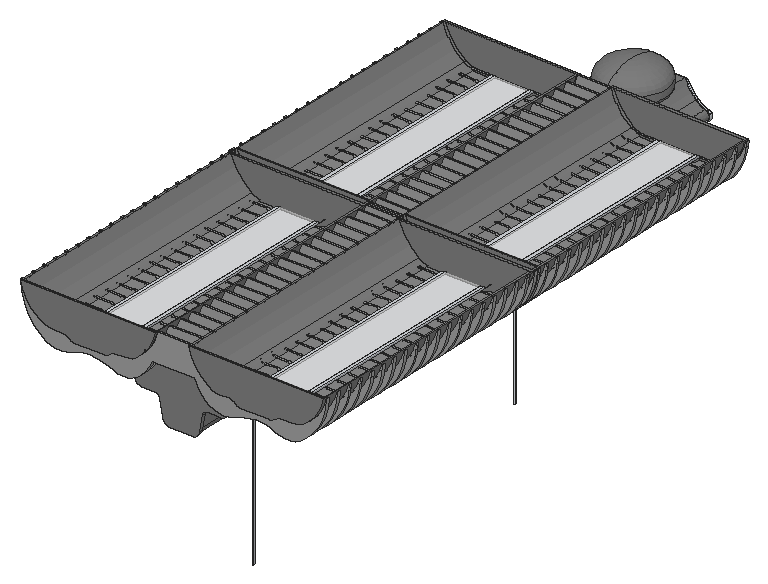
Revit family "0039274 Feilo Sylvania Lighting Fixtures SYLBAY LED 4000K 26KLM WIDE 1-10V PIR", category Lighting Fixtures, host Face, Revit 2017
Family settings
  Host = Face
  Round Connector Dimension = Use Diameter
  Part Type = Normal
  OmniClass Number = 23.80.70.00
  OmniClass Title = Lighting
  Cut with Voids When Loaded = No
  Light Source = Yes
  Shared = No
  Room Calculation Point = No
Parameters (values of type "0039274 SYLBAY LED 4000K 26KLM WIDE 1-10V PIR")
  WireRadius_FEILO = 1 mm
  Weight = "9.25 kg"
  Wattage Comments = "n/a"
  Wattage = 185 W
  WarrantyStartDate [instance] = "n/a"
  WarrantyGuarantorParts = "n/a"
  WarrantyDurationUnit = "n/a"
  WarrantyDurationParts = "n/a"
  WarrantyDescription = "n/a"
  built-in parameter 1150110 = 1 (stored number, unit not read)
  Voltage = 230 V
  URL = "http://www.sylvania-lighting.com"
  TypeName = "SYLBAY LED 4000K 26KLM WIDE 1-10V PIR"
  Type Image = <None>
  Type Comments = "n/a"
  built-in parameter 1114217 = 1 (stored number, unit not read)
  Tilt Angle = -90.00°
  built-in parameter 1150109 = 1 (stored number, unit not read)
  built-in parameter 1150134 = 12
  SuspensionHeight_FEILO [instance] = if(SurfaceMounted_FEILO, 107 mm, SuspensionHeightEntry_FEILO)  # 300 mm
  SuspensionHeightEntry_FEILO [instance] = 300 mm
  SurfaceMounted_FEILO [instance] = no
  built-in parameter 1150113 = 1 (stored number, unit not read)
  SerialNumber [instance] = "n/a"
  ReflectorMaterial = none
  PowerFactor = 0
  PowerConsumption = "185 W"
  Photometric Web File = "0039274.ies"
  NominalLength = 750 mm
  NominalHeight = 105 mm
  NominalDepth = 375 mm
  Name = "SYLBAY LED 4000K 26KLM WIDE 1-10V PIR"
  ModelReference = "SYLBAY LED 4000K 26KLM WIDE 1-10V PIR"
  ModelNumber = "0039274"
  Model = "SYLBAY LED 4000K 26KLM WIDE 1-10V PIR"
  Material = "aluminium housing"
  ManufacturerName = "Feilo Sylvania"
  Manufacturer = "Feilo Sylvania"
  LuminousEfficacy = "139.47 lm/W"
  built-in parameter 1150105 = 15175.6 (stored number, unit not read)
  Lumens = 25802 lm
  LuminaireType = ""
  built-in parameter 1150115 = 1 (stored number, unit not read)
  LightOutputRatio = "100"
  built-in parameter 1150137 = (empty or 0)
  built-in parameter 1150139 = (empty or 0)
  LampsType = Lamp  # "LED"
  LampNominalLuminous = "25942 lm"
  LampMacAdamStep = "n/a"
  LampColourTemperature = "4000 K"
  LampColourRenderingIndex = "80"
  built-in parameter 1150112 = 1 (stored number, unit not read)
  built-in parameter 1150114 = 1 (stored number, unit not read)
  Lamp = "LED"
  Keynote = "16500"
  InstallationDate [instance] = "n/a"
  InputVoltage = "220-240V~"
  InputNominalFrequency = "50/60 Hz"
  built-in parameter 1150132 = (empty or 0)
  built-in parameter 1150102 = (empty or 0)
  built-in parameter 1150107 = 4000 (stored number, unit not read)
  built-in parameter 1150138 = (empty or 0)
  IngressProtection = "IP65"
  ImpactProtectionIndex = "IK08"
  built-in parameter 1150106 = 151.76 (stored number, unit not read)
  IfcExportType = "IfcLightFixtureType"
  IfcExportAs = "IfcLightFixtureType"
  ExpectedLife = 50000
  Emit from Rectangle Width = 365 mm
  Emit from Rectangle Length = 645 mm
  Emit Shape Visible in Rendering = no
  ElectricShockClassification = "Class I"
  built-in parameter 1150104 = 12.957 (stored number, unit not read)
  DurationUnit = "hours"
  DocumentationLiterature = "http://www.sylvania-lighting.com/product/en-int/products/0039274"
  DimmingControlOptions = "Dimmable"
  Dimming Lamp Color Temperature Shift = <None>
  DiffuserMaterial = Diffuser-Sylvania-Sylbay-Transparent
  Description = "Specification industrial high bay luminaire, robust and durable, slim design, high output and efficiency, lightweight, aluminium housing with shatter-resistant polycarbonate lens optic, 26,000 lumens, 185W, 140lm/W, 4000K, 1400mA (x2), CRI 80, wide beam optic, 1-10V dimmable, integral PIR sensor with daylight/occupancy detection, IP65, IK08, 100,000 hrs (L90B10), (LxWxH) 665x375x105mm, 3 step MacAdam ellipse, 8.9kg, aluminium finish, Class 1, 220-240V, integrated LED, energy class: A++, A+, A."
  Default Elevation = 1219.2 mm
  CreatedOn = "17/11/2017"
  CreatedBy = ""
  Cost = 0
  Color Filter = 16777215
  built-in parameter 1114216 [instance] = (empty or 0)
  BodyMaterial = Body-Sylvania-Sylbay-Aluminium
  BarCode [instance] = "n/a"
  built-in parameter 1114218 = 1 (stored number, unit not read)
  built-in parameter 1150133 = 10 (stored number, unit not read)
  AssetType = "Fixed"
  AssetIdentifier [instance] = "n/a"
  Assembly Code = "D5020200"
  Apparent Load = 185 VA
  AccessoryMaterial = Accesory-Sylvania-Sylbay-White
Reference planes
  plane 1 "Center (Front/Back)": y = 0
  plane 2: z = 0
  plane 3 "Center (Left/Right)": x = 0
  plane 4: z = 300
  plane 5: y = -307
  plane 6: y = 200
  plane 7: y = -200
  plane 8: z = 237.522
  plane 9: z = 246.272
  plane 10: z = 227.522
  plane 11: z = 266.272
  plane 12: z = 256.272
  plane 13: z = 262.272
  plane 14: y = 427
  plane 15: y = -1
  plane 16: y = 1
  plane 17: y = -310
  plane 18: y = 430
  plane 19: z = 195
  plane 20: z = 193
  plane 21: y = 330
  plane 22: y = 380
  plane 23: y = 340
  plane 24: y = 420
  plane 25: z = 278.272
  plane 26: y = 341
  plane 27: y = 419
Forms (mm)
  Extrusion 1, solid, material "Accesory-Sylvania-Sylbay-White" <- "AccessoryMaterial"
    sketch origin (0, 0, 0) x (1, 0, 0) y (0, 0, 1)
      loop
        arc (-39.258, 246.272) -> (-44.534, 242.283) -> (-50.507, 239.445) r 32.519
        arc (-50.507, 239.445) -> (-54.463, 232.388) -> (-48, 227.522) r 6.147
        line (-48, 227.522) -> (-32.102, 227.522)
        arc (-32.102, 227.522) -> (-26.92, 225.616) -> (-24.206, 220.808) r 8
        line (-24.206, 220.808) -> (-21.094, 201.713)
        arc (-21.094, 201.713) -> (-18.38, 196.905) -> (-13.198, 195) r 8
        line (-13.198, 195) -> (13.198, 195)
        arc (13.198, 195) -> (18.393, 196.916) -> (21.099, 201.746) r 8
        line (21.099, 201.746) -> (24.206, 220.808)
        arc (24.206, 220.808) -> (26.92, 225.616) -> (32.102, 227.522) r 8
        line (32.102, 227.522) -> (48, 227.522)
        arc (48, 227.522) -> (54.463, 232.388) -> (50.507, 239.445) r 6.147
        arc (50.507, 239.445) -> (44.534, 242.283) -> (39.258, 246.272) r 32.519
        arc (39.258, 246.272) -> (31.199, 255.531) -> (25.254, 266.272) r 58.361
        line (25.254, 266.272) -> (-25.254, 266.272)
        arc (-25.254, 266.272) -> (-31.199, 255.531) -> (-39.258, 246.272) r 58.361
    from -427 to 307
  Extrusion 2, solid, material "Body-Sylvania-Sylbay-Aluminium" <- "BodyMaterial", detail levels medium+fine
    sketch origin (0, 0, 0) x (1, 0, 0) y (0, 0, 1)
      loop
        arc (-32.102, 225.522) -> (-28.215, 224.093) -> (-26.18, 220.487) r 6
        line (-26.18, 220.487) -> (-23.068, 201.392)
        arc (-23.068, 201.392) -> (-19.676, 195.381) -> (-13.198, 193) r 10
        line (-13.198, 193) -> (13.198, 193)
        arc (13.198, 193) -> (19.69, 195.393) -> (23.074, 201.428) r 10
        line (23.074, 201.428) -> (26.18, 220.487)
        arc (26.18, 220.487) -> (28.215, 224.093) -> (32.102, 225.522) r 6
        line (32.102, 225.522) -> (47.932, 225.522)
        arc (47.932, 225.522) -> (54.718, 228.451) -> (56.343, 235.661) r 8.147
        arc (56.343, 235.661) -> (55.292, 237.506) -> (53.445, 238.553) r 4
        arc (53.445, 238.553) -> (45.865, 241.518) -> (39.258, 246.272) r 32.519
        arc (39.258, 246.272) -> (32.89, 253.237) -> (27.728, 261.137) r 58.361
        arc (27.728, 261.137) -> (25.523, 263.429) -> (22.456, 264.272) r 6
        line (22.456, 264.272) -> (-22.456, 264.272)
        arc (-22.456, 264.272) -> (-25.523, 263.429) -> (-27.728, 261.137) r 6
        arc (-27.728, 261.137) -> (-32.89, 253.237) -> (-39.258, 246.272) r 58.361
        arc (-39.258, 246.272) -> (-45.865, 241.518) -> (-53.445, 238.553) r 32.519
        arc (-53.445, 238.553) -> (-55.292, 237.506) -> (-56.343, 235.661) r 4
        arc (-56.343, 235.661) -> (-54.718, 228.451) -> (-47.932, 225.522) r 8.147
        line (-47.932, 225.522) -> (-32.102, 225.522)
    from 307 to 310
  Extrusion 3, solid, detail levels medium+fine
    sketch origin (0, 0, 0) x (1, 0, 0) y (0, 0, 1)
      loop
        line (-47.932, 225.522) -> (-32.102, 225.522)
        arc (-32.102, 225.522) -> (-28.215, 224.093) -> (-26.18, 220.487) r 6
        line (-26.18, 220.487) -> (-23.068, 201.392)
        arc (-23.068, 201.392) -> (-19.676, 195.381) -> (-13.198, 193) r 10
        line (-13.198, 193) -> (13.198, 193)
        arc (13.198, 193) -> (19.69, 195.393) -> (23.074, 201.428) r 10
        line (23.074, 201.428) -> (26.18, 220.487)
        arc (26.18, 220.487) -> (28.215, 224.093) -> (32.102, 225.522) r 6
        line (32.102, 225.522) -> (47.932, 225.522)
        arc (47.932, 225.522) -> (54.718, 228.451) -> (56.343, 235.661) r 8.147
        arc (56.343, 235.661) -> (55.292, 237.506) -> (53.445, 238.553) r 4
        arc (53.445, 238.553) -> (45.865, 241.518) -> (39.258, 246.272) r 32.519
        arc (39.258, 246.272) -> (32.89, 253.237) -> (27.728, 261.137) r 58.361
        arc (27.728, 261.137) -> (25.523, 263.429) -> (22.456, 264.272) r 6
        line (22.456, 264.272) -> (-22.456, 264.272)
        arc (-22.456, 264.272) -> (-25.523, 263.429) -> (-27.728, 261.137) r 6
        arc (-27.728, 261.137) -> (-32.89, 253.237) -> (-39.258, 246.272) r 58.361
        arc (-39.258, 246.272) -> (-45.865, 241.518) -> (-53.445, 238.553) r 32.519
        arc (-53.445, 238.553) -> (-55.292, 237.506) -> (-56.343, 235.661) r 4
        arc (-56.343, 235.661) -> (-54.718, 228.451) -> (-47.932, 225.522) r 8.147
    from -430 to -427
  Extrusion 4, solid
    sketch origin (-316.531, -4572, 195) x (-1, 0, 0) y (0, -1, 0)
      loop
        circle (-316.531, -4772) r 1
      loop
        circle (-316.531, -4372) r 1
    from 0 to -195
  Revolve 5, solid, material "Body-Sylvania-Sylbay-Aluminium" <- "BodyMaterial"
    sketch origin (0, 0, 0) x (0, 1, 0) y (0, 0, 1)
      loop
        arc (340.771, 269.022) -> (341.729, 267.064) -> (343.76, 266.272) r 3
        line (343.76, 266.272) -> (380, 266.272) -> (380, 278.272) -> (340, 278.272) -> (340.771, 269.022)
      axis (380, 266.272) -> (380, 278.272)
    angle from 360 to 0
  Revolve 6, solid, material "Accesory-Sylvania-Sylbay-White" <- "AccessoryMaterial"
    sketch origin (0, 0, 0) x (0, 1, 0) y (0, 0, 1)
      loop
        line (340, 278.272) -> (380, 278.272) -> (380, 300)
        spline (380, 300) -> (374.779, 299.814) -> (369.647, 299.26) -> (364.693, 298.346) -> (360, 297.089) -> (355.65, 295.51) -> (351.716, 293.636) -> (348.266, 291.499) -> (345.359, 289.136) -> (343.045, 286.587) -> (341.363, 283.895) -> (340.342, 281.108) -> (340, 278.272)
      axis (380, 278.272) -> (380, 300)
    angle from 360 to 0
Dimensions and locks
  "SuspensionHeight_FEILO": plane 4 to plane 2
  equal spacing: plane 7, plane 1 "Center (Front/Back)", plane 6
  locked: plane 1 "Center (Front/Back)" to plane 6 at 200
  locked: plane 4 to plane 8 at 62.478
  locked: plane 4 to plane 9 at 53.728
  plane 4 to plane 10 = 72.478 mm
  locked: plane 4 to plane 11 at 33.728
  locked: plane 12 to plane 9 at 10
  locked: plane 13 to plane 12 at 6
  locked: plane 3 "Center (Left/Right)" to Extrusion 1 sketch curve at 48.447
  locked: Extrusion 1 sketch curve to plane 3 "Center (Left/Right)" at 48.447
  locked: plane 4 to Extrusion 1 sketch curve at 66.347  (x2)
  Extrusion 1 sketch curve to plane 3 "Center (Left/Right)" to Extrusion 1 sketch curve = 13.198 mm locked, 13.198 mm locked
  Extrusion 1 sketch curve to plane 3 "Center (Left/Right)" to Extrusion 1 sketch curve = 32.102 mm locked, 32.102 mm locked
  locked: plane 4 to Extrusion 1 sketch curve at 97  (x2)
  locked: plane 4 to Extrusion 1 sketch curve at 80.478  (x2)
  equal spacing: plane 15, plane 1 "Center (Front/Back)", plane 16
  locked: plane 10 to Extrusion 2 sketch curve at 2
  plane 10 to Extrusion 2 sketch curve = 2 mm
  locked: Extrusion 2 sketch curve to Extrusion 1 at 2  (x2)
  locked: Extrusion 2 sketch curve to plane 3 "Center (Left/Right)" at 52.466
  locked: plane 3 "Center (Left/Right)" to Extrusion 2 sketch curve at 52.466
  locked: plane 4 to Extrusion 2 sketch curve at 65.325  (x2)
  locked: plane 4 to Extrusion 2 sketch curve at 41.728  (x2)
  locked: plane 3 "Center (Left/Right)" to Extrusion 2 sketch curve at 22.456
  locked: Extrusion 2 sketch curve to plane 3 "Center (Left/Right)" at 22.456
  locked: plane 4 to plane 19 at 105
  locked: plane 19 to plane 20 at 2
  locked: plane 1 "Center (Front/Back)" to plane 18 at 430
  locked: plane 14 to plane 18 at 3
  locked: plane 17 to plane 1 "Center (Front/Back)" at 310
  locked: plane 17 to plane 5 at 3
  locked: plane 21 to plane 18 at 100
  locked: plane 21 to plane 22 at 50
  equal spacing: plane 23, plane 22, plane 24
  locked: plane 23 to plane 22 at 40
  equal spacing: plane 26, plane 22, plane 27
  locked: plane 23 to plane 26 at 1
  locked: plane 25 to plane 11 at 12
  locked: Revolve 5 sketch curve to plane 11 at 3
  locked: Revolve 5 sketch curve to plane 22 at 36.24
  locked: plane 1 "Center (Front/Back)" to plane 16 at 1
  "WireRadius_FEILO": radius of Extrusion 4 sketch curve  (x2)
  aligned and locked: plane 2 to host face
  aligned and locked: level to host face
  aligned and locked: plane 10 to Extrusion 1 sketch curve
  aligned and locked: plane 5 to Extrusion 1
  aligned and locked: Extrusion 1 to plane 14
  aligned and locked: imposter light to plane 4
  aligned and locked: plane 3 "Center (Left/Right)" to imposter light
  aligned and locked: plane 1 "Center (Front/Back)" to imposter light
  aligned and locked: plane 17 to Extrusion 2
  aligned and locked: Extrusion 2 to plane 5
  aligned and locked: Extrusion 3 sketch curve to Extrusion 2  (x15)
  aligned and locked: Extrusion 3 to Extrusion 1
  aligned and locked: Extrusion 3 to plane 18
  aligned and locked: Extrusion 1 sketch curve to plane 19
  aligned and locked: plane 7 to Extrusion 4 sketch curve
  aligned and locked: plane 3 "Center (Left/Right)" to Extrusion 4 sketch curve  (x2)
  aligned and locked: plane 6 to Extrusion 4 sketch curve
  aligned and locked: Extrusion 1 to Extrusion 4
  aligned and locked: Extrusion 4 to level
  aligned and locked: plane 20 to Extrusion 2 sketch curve
  aligned and locked: Revolve 5 sketch curve to plane 11
  aligned and locked: Revolve 5 sketch curve to plane 22  (x2)
  aligned and locked: Revolve 5 sketch curve to plane 25
  aligned and locked: Revolve 6 sketch curve to plane 22  (x2)
  aligned and locked: Revolve 6 sketch curve to Revolve 5
  aligned and locked: plane 4 to Revolve 6 sketch curve
  aligned and locked: plane 22 to Revolve 6 sketch curve
  aligned and locked: plane 3 "Center (Left/Right)" to nested 1
  aligned and locked: plane 3 "Center (Left/Right)" to nested 22
  aligned and locked: plane 15 to nested 1
  aligned and locked: plane 16 to nested 22
Automatic sketch dimensions
  host sketch curve to host sketch curve = 2438.4 mm  (x2)
  Extrusion 1 sketch curve to plane 9 = 0 mm  (x4)
  Extrusion 1 sketch curve to plane 10 = 0 mm
  plane 11 to Extrusion 1 sketch curve = 3.811 mm
  Extrusion 1 sketch curve to Extrusion 1 sketch curve = 36.151 mm  (x2)
  Extrusion 1 sketch curve to plane 4 = 10.994 mm  (x2)
  Extrusion 1 sketch curve to plane 11 = 0 mm
  plane 9 to Extrusion 1 sketch curve = 23.811 mm
  Extrusion 1 sketch curve to plane 10 = 6.713 mm  (x2)
  plane 19 to Extrusion 1 sketch curve = 6.713 mm
  Extrusion 3 sketch curve to plane 10 = 7.035 mm  (x2)
  plane 19 to Extrusion 3 sketch curve = 6.392 mm
  plane 19 to Extrusion 1 sketch curve = 6.746 mm
  plane 19 to Extrusion 3 sketch curve = 6.428 mm
  plane 3 "Center (Left/Right)" to Extrusion 1 sketch curve = 25.254 mm
  Extrusion 1 sketch curve to Extrusion 1 sketch curve = 0.447 mm  (x2)
  Extrusion 1 sketch curve to Extrusion 1 sketch curve = 12.959 mm
  Extrusion 2 sketch curve to plane 9 = 0 mm  (x4)
  plane 11 to Extrusion 2 sketch curve = 3.811 mm  (x2)
  Extrusion 2 sketch curve to Extrusion 2 sketch curve = 8.939 mm  (x2)
  Extrusion 2 sketch curve to plane 4 = 10.994 mm  (x2)
  Extrusion 2 sketch curve to Extrusion 2 sketch curve = 17.6 mm  (x2)
  Extrusion 2 sketch curve to Extrusion 2 sketch curve = 4.02 mm  (x2)
  Extrusion 2 sketch curve to Extrusion 2 sketch curve = 0.514 mm
  Extrusion 2 sketch curve to plane 10 = 8 mm
  Extrusion 2 sketch curve to plane 10 = 7.035 mm  (x2)
  plane 19 to Extrusion 2 sketch curve = 6.392 mm
  plane 19 to Extrusion 2 sketch curve = 8 mm
  plane 3 "Center (Left/Right)" to Extrusion 2 sketch curve = 13.198 mm
  plane 19 to Extrusion 2 sketch curve = 6.428 mm
  Extrusion 2 sketch curve to Extrusion 2 sketch curve = 5.922 mm
  Extrusion 2 sketch curve to Extrusion 2 sketch curve = 4.534 mm
  Extrusion 2 sketch curve to plane 8 = 3.869 mm  (x2)
  Extrusion 2 sketch curve to plane 11 = 2 mm
  Extrusion 2 sketch curve to Extrusion 2 sketch curve = 0 mm  (x2)
  Revolve 6 sketch curve to plane 23 = 0 mm
  Revolve 6 sketch curve to level = 309.6 mm
  plane 4 to Revolve 6 sketch curve = 2138.4 mm
  Revolve 5 sketch curve to plane 23 = 0 mm
  plane 26 to Revolve 5 sketch curve = 0.229 mm
  Revolve 5 sketch curve to level = 309.6 mm
  plane 4 to Revolve 5 sketch curve = 2138.4 mm
Nested families
  nested 1: "SylbayBody" at (0, 159, 266.272), type "SylbayBody"
  nested 2: "SlybayRib" at (0, 303.453, 300), type "SylbayRib"
  nested 3: "SlybayRib" at (0, 286.406, 300), type "SylbayRib"
  nested 4: "SlybayRib" at (0, 269.358, 300), type "SylbayRib"
  nested 5: "SlybayRib" at (0, 252.311, 300), type "SylbayRib"
  nested 6: "SlybayRib" at (0, 235.264, 300), type "SylbayRib"
  nested 7: "SlybayRib" at (0, 218.217, 300), type "SylbayRib"
  nested 8: "SlybayRib" at (0, 201.169, 300), type "SylbayRib"
  nested 9: "SlybayRib" at (0, 184.122, 300), type "SylbayRib"
  nested 10: "SlybayRib" at (0, 320.5, 300), type "SylbayRib"
  nested 11: "SlybayRib" at (0, 14.547, 300), type "SylbayRib"
  nested 12: "SlybayRib" at (0, 31.594, 300), type "SylbayRib"
  nested 13: "SlybayRib" at (0, 48.642, 300), type "SylbayRib"
  nested 14: "SlybayRib" at (0, 65.689, 300), type "SylbayRib"
  nested 15: "SlybayRib" at (0, 82.736, 300), type "SylbayRib"
  nested 16: "SlybayRib" at (0, 99.783, 300), type "SylbayRib"
  nested 17: "SlybayRib" at (0, 116.831, 300), type "SylbayRib"
  nested 18: "SlybayRib" at (0, 133.878, 300), type "SylbayRib"
  nested 19: "SlybayRib" at (0, -2.5, 300), type "SylbayRib"
  nested 20: "SlybayRib" at (0, 167.075, 300), type "SylbayRib"
  nested 21: "SlybayRib" at (0, 150.925, 300), type "SylbayRib"
  nested 22: "SylbayBody" at (0, -159, 266.272), type "SylbayBody"
  nested 23: "SlybayRib" at (0, -14.547, 300), type "SylbayRib"
  nested 24: "SlybayRib" at (0, -31.594, 300), type "SylbayRib"
  nested 25: "SlybayRib" at (0, -48.642, 300), type "SylbayRib"
  nested 26: "SlybayRib" at (0, -65.689, 300), type "SylbayRib"
  nested 27: "SlybayRib" at (0, -82.736, 300), type "SylbayRib"
  nested 28: "SlybayRib" at (0, -99.783, 300), type "SylbayRib"
  nested 29: "SlybayRib" at (0, -116.831, 300), type "SylbayRib"
  nested 30: "SlybayRib" at (0, -133.878, 300), type "SylbayRib"
  nested 31: "SlybayRib" at (0, 2.5, 300), type "SylbayRib"
  nested 32: "SlybayRib" at (0, -303.453, 300), type "SylbayRib"
  nested 33: "SlybayRib" at (0, -286.406, 300), type "SylbayRib"
  nested 34: "SlybayRib" at (0, -269.358, 300), type "SylbayRib"
  nested 35: "SlybayRib" at (0, -252.311, 300), type "SylbayRib"
  nested 36: "SlybayRib" at (0, -235.264, 300), type "SylbayRib"
  nested 37: "SlybayRib" at (0, -218.217, 300), type "SylbayRib"
  nested 38: "SlybayRib" at (0, -201.169, 300), type "SylbayRib"
  nested 39: "SlybayRib" at (0, -184.122, 300), type "SylbayRib"
  nested 40: "SlybayRib" at (0, -320.5, 300), type "SylbayRib"
  nested 41: "SlybayRib" at (0, -150.925, 300), type "SylbayRib"
  nested 42: "SlybayRib" at (0, -167.075, 300), type "SylbayRib"
Connectors
  electrical at (0, 0, 0), driven by "Apparent Load"
    settings: index 1, voltage 230 V, apparent load 185 VA, apparent load phase1 0 VA, apparent load phase2 0 VA, apparent load phase3 0 VA, power factor 0, load classification "Lighting", number of poles 1, system type 30, power factor state 1, is connector primary yes, connector utility no, sub classification motor no, connector description ""
Definition of nested family "SylbayBody"
  Parameters (values of type "SylbayBody")
    URL = "http://www.feilosylvania.com"
    Type Image = (empty or 0)
    Type Comments = "n/a"
    RibLast_FEILO = 161.5 mm
    RibDistance_FEILO = RibLast_FEILO / 10  # 16.15 mm
    ReflectorMaterial = none
    Model = ""
    Manufacturer = "Feilo Sylvania"
    Keynote = ""
    DiffuserMaterial = none
    Description = "n/a"
    Default Elevation = 1219.2 mm
    Cost = 0
    BodyMaterial = none
    Assembly Code = "D5020200"
    AccessoryMaterial = none
  Reference planes
    plane 1 "Center (Front/Back)": y = 0
    plane 2: z = 0
    plane 3 "Center (Left/Right)": x = 0
    plane 4: x = -187.5
    plane 5: x = 187.5
    plane 6: z = 33.728
    plane 7: y = -165
    plane 8: y = 165
    plane 9: y = -148
    plane 10: y = 160
    plane 11: y = -160
    plane 12: z = -28.75
    plane 13: z = -20
    plane 14: x = -102.75
    plane 15: x = 102.75
    plane 16: z = 0
    plane 17: x = -185.5
    plane 18: x = -20
    plane 19: z = -10
    plane 20: x = -122.75
    plane 21: x = -82.75
    plane 22: z = -4
    plane 23: x = -130.75
    plane 24: x = -74.75
    plane 25: x = -145.75
    plane 26: x = -59.75
    plane 27: x = -25.3
    plane 28: x = -183.5
    plane 29: x = -22
    plane 30: y = -163
    plane 31: y = 163
    plane 32: x = 25.3
    plane 33: x = -48
    plane 34: x = 48
    plane 35: x = 20
    plane 36: y = 148
    plane 37: y = -161.5
    plane 38: y = 161.5
    plane 39: y = -8.075
    plane 40: y = 8.075
    plane 41: y = -151
    plane 42: y = 151
    plane 43: y = 149
    plane 44: y = 152
    plane 45: z = -2
    plane 46: z = 0
  Forms (mm)
    Extrusion 1, solid
      sketch origin (4.2, 0, 0) x (1, 0, 0) y (0, 1, 0)
        loop
          line (-1219.2, 1219.2) -> (-1219.2, -1219.2) -> (1219.2, -1219.2) -> (1219.2, 1219.2) -> (-1219.2, 1219.2)
      from 0 to -304.8
    Extrusion 2, solid, material <- "BodyMaterial", detail levels coarse+medium
      sketch origin (0, 0, -234.25) x (1, 0, 0) y (0, 0, 1)
        loop
          arc (-187.5, 267.978) -> (-180.003, 237.85) -> (-159.829, 214.25) r 67.598
          arc (-159.829, 214.25) -> (-143.258, 206.411) -> (-125.169, 209.379) r 30.791
          arc (-125.169, 209.379) -> (-113.533, 213.402) -> (-101.25, 214.25) r 46.777
          arc (-101.25, 214.25) -> (-87.202, 212.214) -> (-73.664, 207.942) r 87.865
          arc (-73.664, 207.942) -> (-55.541, 206.076) -> (-39.258, 214.25) r 32.519
          arc (-39.258, 214.25) -> (-31.199, 223.509) -> (-25.254, 234.25) r 58.361
          line (-25.254, 234.25) -> (25.254, 234.25)
          arc (25.254, 234.25) -> (31.199, 223.509) -> (39.258, 214.25) r 58.361
          arc (39.258, 214.25) -> (55.541, 206.076) -> (73.664, 207.942) r 32.519
          arc (73.664, 207.942) -> (87.202, 212.214) -> (101.25, 214.25) r 87.865
          arc (101.25, 214.25) -> (113.533, 213.402) -> (125.169, 209.379) r 46.777
          arc (125.169, 209.379) -> (143.258, 206.411) -> (159.829, 214.25) r 30.791
          arc (159.829, 214.25) -> (180.003, 237.85) -> (187.5, 267.978) r 67.598
          line (187.5, 267.978) -> (185.5, 267.978)
          arc (185.5, 267.978) -> (176.042, 248.665) -> (160.084, 234.25) r 56.823
          arc (160.084, 234.25) -> (153.191, 231.269) -> (145.75, 230.25) r 27.682
          line (145.75, 230.25) -> (132.583, 230.25)
          arc (132.583, 230.25) -> (129.421, 229.737) -> (126.583, 228.25) r 10
          line (126.583, 228.25) -> (123.917, 226.25)
          arc (123.917, 226.25) -> (121.079, 224.763) -> (117.917, 224.25) r 10
          line (117.917, 224.25) -> (84.583, 224.25)
          arc (84.583, 224.25) -> (81.421, 224.763) -> (78.583, 226.25) r 10
          line (78.583, 226.25) -> (75.917, 228.25)
          arc (75.917, 228.25) -> (73.079, 229.737) -> (69.917, 230.25) r 10
          line (69.917, 230.25) -> (58.25, 230.25)
          arc (58.25, 230.25) -> (51.55, 231.273) -> (45.461, 234.25) r 22.443
          arc (45.461, 234.25) -> (30.027, 249.073) -> (20, 267.978) r 67.602
          line (20, 267.978) -> (-20, 267.978)
          arc (-20, 267.978) -> (-30.027, 249.073) -> (-45.461, 234.25) r 67.602
          arc (-45.461, 234.25) -> (-51.55, 231.273) -> (-58.25, 230.25) r 22.443
          line (-58.25, 230.25) -> (-69.917, 230.25)
          arc (-69.917, 230.25) -> (-73.079, 229.737) -> (-75.917, 228.25) r 10
          line (-75.917, 228.25) -> (-78.583, 226.25)
          arc (-78.583, 226.25) -> (-81.421, 224.763) -> (-84.583, 224.25) r 10
          line (-84.583, 224.25) -> (-117.917, 224.25)
          arc (-117.917, 224.25) -> (-121.079, 224.763) -> (-123.917, 226.25) r 10
          line (-123.917, 226.25) -> (-126.583, 228.25)
          arc (-126.583, 228.25) -> (-129.421, 229.737) -> (-132.583, 230.25) r 10
          line (-132.583, 230.25) -> (-145.75, 230.25)
          arc (-145.75, 230.25) -> (-153.191, 231.269) -> (-160.084, 234.25) r 27.682
          arc (-160.084, 234.25) -> (-176.042, 248.665) -> (-185.5, 267.978) r 56.823
          line (-185.5, 267.978) -> (-187.5, 267.978)
      from 160 to -160
    Extrusion 3, solid, material <- "BodyMaterial"
      sketch origin (0, 0, -234.25) x (1, 0, 0) y (0, 0, 1)
        loop
          arc (-145.75, 230.25) -> (-152.168, 231.276) -> (-157.947, 234.25) r 20.597
          arc (-157.947, 234.25) -> (-173.175, 249.257) -> (-183.5, 267.978) r 74.319
          line (-183.5, 267.978) -> (-185.5, 267.978)
          arc (-185.5, 267.978) -> (-176.042, 248.665) -> (-160.084, 234.25) r 56.823
          arc (-160.084, 234.25) -> (-153.191, 231.269) -> (-145.75, 230.25) r 27.682
        loop
          arc (-45.461, 234.25) -> (-30.027, 249.073) -> (-20, 267.978) r 67.602
          line (-20, 267.978) -> (-22, 267.978)
          arc (-22, 267.978) -> (-31.964, 249.398) -> (-46.63, 234.25) r 76.357
          arc (-46.63, 234.25) -> (-52.105, 231.278) -> (-58.25, 230.25) r 18.878
          arc (-58.25, 230.25) -> (-51.55, 231.273) -> (-45.461, 234.25) r 22.443
        loop
          arc (145.75, 230.25) -> (153.191, 231.269) -> (160.084, 234.25) r 27.682
          arc (160.084, 234.25) -> (176.042, 248.665) -> (185.5, 267.978) r 56.823
          line (185.5, 267.978) -> (183.5, 267.978)
          arc (183.5, 267.978) -> (173.175, 249.257) -> (157.947, 234.25) r 74.319
          arc (157.947, 234.25) -> (152.168, 231.276) -> (145.75, 230.25) r 20.597
        loop
          arc (45.461, 234.25) -> (51.55, 231.273) -> (58.25, 230.25) r 22.443
          arc (58.25, 230.25) -> (52.105, 231.278) -> (46.63, 234.25) r 18.878
          arc (46.63, 234.25) -> (31.964, 249.398) -> (22, 267.978) r 76.357
          line (22, 267.978) -> (20, 267.978)
          arc (20, 267.978) -> (30.027, 249.073) -> (45.461, 234.25) r 67.602
      from -160 to 160
    Extrusion 4, solid, material <- "BodyMaterial"
      sketch origin (0, -165, -843.85) x (0, 0, -1) y (1, 0, 0)
        loop
          arc (-837.85, -132.583) -> (-837.439, -130.054) -> (-836.25, -127.783) r 8
          line (-836.25, -127.783) -> (-834.25, -125.117)
          arc (-834.25, -125.117) -> (-832.466, -121.711) -> (-831.85, -117.917) r 12
          line (-831.85, -117.917) -> (-831.85, -84.583)
          arc (-831.85, -84.583) -> (-832.466, -80.789) -> (-834.25, -77.383) r 12
          line (-834.25, -77.383) -> (-836.25, -74.717)
          arc (-836.25, -74.717) -> (-837.439, -72.446) -> (-837.85, -69.917) r 8
          line (-837.85, -69.917) -> (-837.85, -58.25)
          arc (-837.85, -58.25) -> (-838.965, -50.953) -> (-842.206, -44.322) r 24.443
          arc (-842.206, -44.322) -> (-857.666, -28.923) -> (-877.578, -20) r 60.581
          line (-877.578, -20) -> (-877.578, -22)
          arc (-877.578, -22) -> (-858.998, -31.964) -> (-843.85, -46.63) r 76.357
          arc (-843.85, -46.63) -> (-840.878, -52.105) -> (-839.85, -58.25) r 18.878
          line (-839.85, -58.25) -> (-839.85, -69.917)
          arc (-839.85, -69.917) -> (-839.337, -73.079) -> (-837.85, -75.917) r 10
          line (-837.85, -75.917) -> (-835.85, -78.583)
          arc (-835.85, -78.583) -> (-834.363, -81.421) -> (-833.85, -84.583) r 10
          line (-833.85, -84.583) -> (-833.85, -117.917)
          arc (-833.85, -117.917) -> (-834.363, -121.079) -> (-835.85, -123.917) r 10
          line (-835.85, -123.917) -> (-837.85, -126.583)
          arc (-837.85, -126.583) -> (-839.337, -129.421) -> (-839.85, -132.583) r 10
          line (-839.85, -132.583) -> (-839.85, -145.75)
          arc (-839.85, -145.75) -> (-840.876, -152.168) -> (-843.85, -157.947) r 20.597
          arc (-843.85, -157.947) -> (-858.857, -173.175) -> (-877.578, -183.5) r 74.319
          line (-877.578, -183.5) -> (-877.578, -185.5)
          arc (-877.578, -185.5) -> (-857.235, -177.123) -> (-842.139, -161.119) r 52.287
          arc (-842.139, -161.119) -> (-838.942, -153.728) -> (-837.85, -145.75) r 29.682
          line (-837.85, -145.75) -> (-837.85, -132.583)
        loop
          line (-837.85, 132.583) -> (-837.85, 145.75)
          arc (-837.85, 145.75) -> (-838.942, 153.728) -> (-842.139, 161.119) r 29.682
          arc (-842.139, 161.119) -> (-857.235, 177.123) -> (-877.578, 185.5) r 52.287
          line (-877.578, 185.5) -> (-877.578, 183.5)
          arc (-877.578, 183.5) -> (-858.857, 173.175) -> (-843.85, 157.947) r 74.319
          arc (-843.85, 157.947) -> (-840.876, 152.168) -> (-839.85, 145.75) r 20.597
          line (-839.85, 145.75) -> (-839.85, 132.583)
          arc (-839.85, 132.583) -> (-839.337, 129.421) -> (-837.85, 126.583) r 10
          line (-837.85, 126.583) -> (-835.85, 123.917)
          arc (-835.85, 123.917) -> (-834.363, 121.079) -> (-833.85, 117.917) r 10
          line (-833.85, 117.917) -> (-833.85, 84.583)
          arc (-833.85, 84.583) -> (-834.363, 81.421) -> (-835.85, 78.583) r 10
          line (-835.85, 78.583) -> (-837.85, 75.917)
          arc (-837.85, 75.917) -> (-839.337, 73.079) -> (-839.85, 69.917) r 10
          line (-839.85, 69.917) -> (-839.85, 58.25)
          arc (-839.85, 58.25) -> (-840.878, 52.105) -> (-843.85, 46.63) r 18.878
          arc (-843.85, 46.63) -> (-858.998, 31.964) -> (-877.578, 22) r 76.357
          line (-877.578, 22) -> (-877.578, 20)
          arc (-877.578, 20) -> (-857.666, 28.923) -> (-842.206, 44.322) r 60.581
          arc (-842.206, 44.322) -> (-838.965, 50.953) -> (-837.85, 58.25) r 24.443
          line (-837.85, 58.25) -> (-837.85, 69.917)
          arc (-837.85, 69.917) -> (-837.439, 72.446) -> (-836.25, 74.717) r 8
          line (-836.25, 74.717) -> (-834.25, 77.383)
          arc (-834.25, 77.383) -> (-832.466, 80.789) -> (-831.85, 84.583) r 12
          line (-831.85, 84.583) -> (-831.85, 117.917)
          arc (-831.85, 117.917) -> (-832.466, 121.711) -> (-834.25, 125.117) r 12
          line (-834.25, 125.117) -> (-836.25, 127.783)
          arc (-836.25, 127.783) -> (-837.439, 130.054) -> (-837.85, 132.583) r 8
      from -2 to -5
    Extrusion 5, solid, material <- "BodyMaterial"
      sketch origin (0, 165, -843.85) x (0, 0, -1) y (1, 0, 0)
        loop
          line (-831.85, -117.917) -> (-831.85, -84.583)
          arc (-831.85, -84.583) -> (-832.466, -80.789) -> (-834.25, -77.383) r 12
          line (-834.25, -77.383) -> (-836.25, -74.717)
          arc (-836.25, -74.717) -> (-837.439, -72.446) -> (-837.85, -69.917) r 8
          line (-837.85, -69.917) -> (-837.85, -58.25)
          arc (-837.85, -58.25) -> (-838.965, -50.953) -> (-842.206, -44.322) r 24.443
          arc (-842.206, -44.322) -> (-857.666, -28.923) -> (-877.578, -20) r 60.581
          line (-877.578, -20) -> (-877.578, -22)
          arc (-877.578, -22) -> (-858.998, -31.964) -> (-843.85, -46.63) r 76.357
          arc (-843.85, -46.63) -> (-840.878, -52.105) -> (-839.85, -58.25) r 18.878
          line (-839.85, -58.25) -> (-839.85, -69.917)
          arc (-839.85, -69.917) -> (-839.337, -73.079) -> (-837.85, -75.917) r 10
          line (-837.85, -75.917) -> (-835.85, -78.583)
          arc (-835.85, -78.583) -> (-834.363, -81.421) -> (-833.85, -84.583) r 10
          line (-833.85, -84.583) -> (-833.85, -117.917)
          arc (-833.85, -117.917) -> (-834.363, -121.079) -> (-835.85, -123.917) r 10
          line (-835.85, -123.917) -> (-837.85, -126.583)
          arc (-837.85, -126.583) -> (-839.337, -129.421) -> (-839.85, -132.583) r 10
          line (-839.85, -132.583) -> (-839.85, -145.75)
          arc (-839.85, -145.75) -> (-840.876, -152.168) -> (-843.85, -157.947) r 20.597
          arc (-843.85, -157.947) -> (-858.857, -173.175) -> (-877.578, -183.5) r 74.319
          line (-877.578, -183.5) -> (-877.578, -185.5)
          arc (-877.578, -185.5) -> (-857.235, -177.123) -> (-842.139, -161.119) r 52.287
          arc (-842.139, -161.119) -> (-838.942, -153.728) -> (-837.85, -145.75) r 29.682
          line (-837.85, -145.75) -> (-837.85, -132.583)
          arc (-837.85, -132.583) -> (-837.439, -130.054) -> (-836.25, -127.783) r 8
          line (-836.25, -127.783) -> (-834.25, -125.117)
          arc (-834.25, -125.117) -> (-832.466, -121.711) -> (-831.85, -117.917) r 12
        loop
          line (-831.85, 84.583) -> (-831.85, 117.917)
          arc (-831.85, 117.917) -> (-832.466, 121.711) -> (-834.25, 125.117) r 12
          line (-834.25, 125.117) -> (-836.25, 127.783)
          arc (-836.25, 127.783) -> (-837.439, 130.054) -> (-837.85, 132.583) r 8
          line (-837.85, 132.583) -> (-837.85, 145.75)
          arc (-837.85, 145.75) -> (-838.942, 153.728) -> (-842.139, 161.119) r 29.682
          arc (-842.139, 161.119) -> (-857.235, 177.123) -> (-877.578, 185.5) r 52.287
          line (-877.578, 185.5) -> (-877.578, 183.5)
          arc (-877.578, 183.5) -> (-858.857, 173.175) -> (-843.85, 157.947) r 74.319
          arc (-843.85, 157.947) -> (-840.876, 152.168) -> (-839.85, 145.75) r 20.597
          line (-839.85, 145.75) -> (-839.85, 132.583)
          arc (-839.85, 132.583) -> (-839.337, 129.421) -> (-837.85, 126.583) r 10
          line (-837.85, 126.583) -> (-835.85, 123.917)
          arc (-835.85, 123.917) -> (-834.363, 121.079) -> (-833.85, 117.917) r 10
          line (-833.85, 117.917) -> (-833.85, 84.583)
          arc (-833.85, 84.583) -> (-834.363, 81.421) -> (-835.85, 78.583) r 10
          line (-835.85, 78.583) -> (-837.85, 75.917)
          arc (-837.85, 75.917) -> (-839.337, 73.079) -> (-839.85, 69.917) r 10
          line (-839.85, 69.917) -> (-839.85, 58.25)
          arc (-839.85, 58.25) -> (-840.878, 52.105) -> (-843.85, 46.63) r 18.878
          arc (-843.85, 46.63) -> (-858.998, 31.964) -> (-877.578, 22) r 76.357
          line (-877.578, 22) -> (-877.578, 20)
          arc (-877.578, 20) -> (-857.666, 28.923) -> (-842.206, 44.322) r 60.581
          arc (-842.206, 44.322) -> (-838.965, 50.953) -> (-837.85, 58.25) r 24.443
          line (-837.85, 58.25) -> (-837.85, 69.917)
          arc (-837.85, 69.917) -> (-837.439, 72.446) -> (-836.25, 74.717) r 8
          line (-836.25, 74.717) -> (-834.25, 77.383)
          arc (-834.25, 77.383) -> (-832.466, 80.789) -> (-831.85, 84.583) r 12
      from 2 to 5
    Extrusion 6, solid, material <- "BodyMaterial"
      sketch origin (0, 165, -843.85) x (0, 0, -1) y (1, 0, 0)
        loop
          arc (-842.206, -44.322) -> (-857.666, -28.923) -> (-877.578, -20) r 60.581
          line (-877.578, -20) -> (-877.578, -185.5)
          arc (-877.578, -185.5) -> (-857.235, -177.123) -> (-842.139, -161.119) r 52.287
          arc (-842.139, -161.119) -> (-838.942, -153.728) -> (-837.85, -145.75) r 29.682
          line (-837.85, -145.75) -> (-837.85, -132.583)
          arc (-837.85, -132.583) -> (-837.439, -130.054) -> (-836.25, -127.783) r 8
          line (-836.25, -127.783) -> (-834.25, -125.117)
          arc (-834.25, -125.117) -> (-832.466, -121.711) -> (-831.85, -117.917) r 12
          line (-831.85, -117.917) -> (-831.85, -84.583)
          arc (-831.85, -84.583) -> (-832.466, -80.789) -> (-834.25, -77.383) r 12
          line (-834.25, -77.383) -> (-836.25, -74.717)
          arc (-836.25, -74.717) -> (-837.439, -72.446) -> (-837.85, -69.917) r 8
          line (-837.85, -69.917) -> (-837.85, -58.25)
          arc (-837.85, -58.25) -> (-838.965, -50.953) -> (-842.206, -44.322) r 24.443
        loop
          arc (-877.578, 20) -> (-857.666, 28.923) -> (-842.206, 44.322) r 60.581
          arc (-842.206, 44.322) -> (-838.965, 50.953) -> (-837.85, 58.25) r 24.443
          line (-837.85, 58.25) -> (-837.85, 69.917)
          arc (-837.85, 69.917) -> (-837.439, 72.446) -> (-836.25, 74.717) r 8
          line (-836.25, 74.717) -> (-834.25, 77.383)
          arc (-834.25, 77.383) -> (-832.466, 80.789) -> (-831.85, 84.583) r 12
          line (-831.85, 84.583) -> (-831.85, 117.917)
          arc (-831.85, 117.917) -> (-832.466, 121.711) -> (-834.25, 125.117) r 12
          line (-834.25, 125.117) -> (-836.25, 127.783)
          arc (-836.25, 127.783) -> (-837.439, 130.054) -> (-837.85, 132.583) r 8
          line (-837.85, 132.583) -> (-837.85, 145.75)
          arc (-837.85, 145.75) -> (-838.942, 153.728) -> (-842.139, 161.119) r 29.682
          arc (-842.139, 161.119) -> (-857.235, 177.123) -> (-877.578, 185.5) r 52.287
          line (-877.578, 185.5) -> (-877.578, 20)
      from 0 to 2
    Extrusion 7, solid, material <- "BodyMaterial"
      sketch origin (0, -165, -843.85) x (0, 0, -1) y (1, 0, 0)
        loop
          line (-877.578, -20) -> (-877.578, -185.5)
          arc (-877.578, -185.5) -> (-857.235, -177.123) -> (-842.139, -161.119) r 52.287
          arc (-842.139, -161.119) -> (-838.942, -153.728) -> (-837.85, -145.75) r 29.682
          line (-837.85, -145.75) -> (-837.85, -132.583)
          arc (-837.85, -132.583) -> (-837.439, -130.054) -> (-836.25, -127.783) r 8
          line (-836.25, -127.783) -> (-834.25, -125.117)
          arc (-834.25, -125.117) -> (-832.466, -121.711) -> (-831.85, -117.917) r 12
          line (-831.85, -117.917) -> (-831.85, -84.583)
          arc (-831.85, -84.583) -> (-832.466, -80.789) -> (-834.25, -77.383) r 12
          line (-834.25, -77.383) -> (-836.25, -74.717)
          arc (-836.25, -74.717) -> (-837.439, -72.446) -> (-837.85, -69.917) r 8
          line (-837.85, -69.917) -> (-837.85, -58.25)
          arc (-837.85, -58.25) -> (-838.965, -50.953) -> (-842.206, -44.322) r 24.443
          arc (-842.206, -44.322) -> (-857.666, -28.923) -> (-877.578, -20) r 60.581
        loop
          line (-877.578, 185.5) -> (-877.578, 20)
          arc (-877.578, 20) -> (-857.666, 28.923) -> (-842.206, 44.322) r 60.581
          arc (-842.206, 44.322) -> (-838.965, 50.953) -> (-837.85, 58.25) r 24.443
          line (-837.85, 58.25) -> (-837.85, 69.917)
          arc (-837.85, 69.917) -> (-837.439, 72.446) -> (-836.25, 74.717) r 8
          line (-836.25, 74.717) -> (-834.25, 77.383)
          arc (-834.25, 77.383) -> (-832.466, 80.789) -> (-831.85, 84.583) r 12
          line (-831.85, 84.583) -> (-831.85, 117.917)
          arc (-831.85, 117.917) -> (-832.466, 121.711) -> (-834.25, 125.117) r 12
          line (-834.25, 125.117) -> (-836.25, 127.783)
          arc (-836.25, 127.783) -> (-837.439, 130.054) -> (-837.85, 132.583) r 8
          line (-837.85, 132.583) -> (-837.85, 145.75)
          arc (-837.85, 145.75) -> (-838.942, 153.728) -> (-842.139, 161.119) r 29.682
          arc (-842.139, 161.119) -> (-857.235, 177.123) -> (-877.578, 185.5) r 52.287
      from 0 to -2
    Extrusion 8, solid, detail levels medium+fine
      sketch origin (0, 0, -234.25) x (1, 0, 0) y (0, 0, 1)
        loop
          arc (-123.917, 226.25) -> (-121.079, 224.763) -> (-117.917, 224.25) r 10
          line (-117.917, 224.25) -> (-84.583, 224.25)
          arc (-84.583, 224.25) -> (-81.421, 224.763) -> (-78.583, 226.25) r 10
          line (-78.583, 226.25) -> (-75.917, 228.25)
          arc (-75.917, 228.25) -> (-75.417, 229.25) -> (-75.917, 230.25) r 1.25
          line (-75.917, 230.25) -> (-79.782, 230.25) -> (-79.782, 228.278) -> (-122.75, 228.278) -> (-122.75, 230.25) -> (-126.583, 230.25)
          arc (-126.583, 230.25) -> (-127.083, 229.25) -> (-126.583, 228.25) r 1.25
          line (-126.583, 228.25) -> (-123.917, 226.25)
        loop
          line (123.917, 226.25) -> (126.583, 228.25)
          arc (126.583, 228.25) -> (127.083, 229.25) -> (126.583, 230.25) r 1.25
          line (126.583, 230.25) -> (122.75, 230.25) -> (122.75, 228.278) -> (79.782, 228.278) -> (79.782, 230.25) -> (75.917, 230.25)
          arc (75.917, 230.25) -> (75.417, 229.25) -> (75.917, 228.25) r 1.25
          line (75.917, 228.25) -> (78.583, 226.25)
          arc (78.583, 226.25) -> (81.421, 224.763) -> (84.583, 224.25) r 10
          line (84.583, 224.25) -> (117.917, 224.25)
          arc (117.917, 224.25) -> (121.079, 224.763) -> (123.917, 226.25) r 10
      from -163 to 163
    Extrusion 9, solid, material <- "DiffuserMaterial", detail levels medium+fine
      sketch origin (0, 0, -234.25) x (1, 0, 0) y (0, 0, 1)
        loop
          line (-122.75, 230.25) -> (-122.75, 228.278) -> (-79.782, 228.278) -> (-79.782, 230.25) -> (-122.75, 230.25)
        loop
          line (79.782, 230.25) -> (79.782, 228.278) -> (122.75, 228.278) -> (122.75, 230.25) -> (79.782, 230.25)
      from -163 to 163
  Cuts and joins
    joined: Extrusion 3, Extrusion 4, Extrusion 5, Extrusion 6, Extrusion 7
  Dimensions and locks
    equal spacing: plane 5, plane 3 "Center (Left/Right)", plane 4
    locked: plane 5 to plane 4 at 375
    equal spacing: plane 7, plane 1 "Center (Front/Back)", plane 8
    locked: plane 7 to plane 8 at 330
    locked: plane 6 to plane 12 at 62.478
    locked: plane 6 to plane 13 at 53.728
    equal spacing: plane 15, plane 3 "Center (Left/Right)", plane 14
    plane 3 "Center (Left/Right)" to plane 14 = 102.75 mm
    locked: plane 6 to plane 16 at 33.728
    equal spacing: plane 18, plane 14, plane 17
    locked: plane 19 to plane 13 at 10
    equal spacing: plane 21, plane 14, plane 20
    locked: plane 14 to plane 20 at 20
    locked: plane 22 to plane 19 at 6
    equal spacing: plane 24, plane 14, plane 23
    locked: plane 20 to plane 23 at 8
    equal spacing: plane 26, plane 14, plane 25
    locked: plane 23 to plane 25 at 15
    locked: plane 18 to plane 27 at 5.3
    locked: plane 3 "Center (Left/Right)" to Extrusion 2 sketch curve at 83.982  (x2)
    locked: plane 3 "Center (Left/Right)" to Extrusion 2 sketch curve at 79.005  (x2)
    locked: plane 3 "Center (Left/Right)" to Extrusion 2 sketch curve at 119.907  (x2)
    locked: plane 3 "Center (Left/Right)" to Extrusion 2 sketch curve at 61.405  (x2)
    locked: plane 3 "Center (Left/Right)" to Extrusion 2 sketch curve at 138.973  (x2)
    locked: plane 3 "Center (Left/Right)" to Extrusion 2 sketch curve at 84.583  (x2)
    locked: plane 3 "Center (Left/Right)" to Extrusion 2 sketch curve at 117.917  (x2)
    locked: plane 3 "Center (Left/Right)" to Extrusion 2 sketch curve at 132.583  (x2)
    locked: plane 3 "Center (Left/Right)" to Extrusion 2 sketch curve at 69.917  (x2)
    locked: Extrusion 2 sketch curve to plane 6 at 21.825  (x2)
    locked: Extrusion 2 sketch curve to plane 6 at 0.822  (x2)
    locked: plane 6 to Extrusion 2 sketch curve at 10.994  (x2)
    locked: plane 6 to Extrusion 2 sketch curve at 15.285  (x2)
    locked: plane 6 to Extrusion 2 sketch curve at 31.076  (x2)
    locked: plane 6 to Extrusion 2 sketch curve at 33.728  (x4)
    locked: plane 6 to Extrusion 2 sketch curve at 29.917  (x2)
    locked: plane 6 to Extrusion 2 sketch curve at 47.728  (x4)
    locked: plane 6 to Extrusion 2 sketch curve at 100.413  (x2)
    locked: plane 6 to Extrusion 2 sketch curve at 141.419  (x2)
    locked: plane 3 "Center (Left/Right)" to Extrusion 2 sketch curve at 106.788  (x2)
    locked: plane 3 "Center (Left/Right)" to Extrusion 2 sketch curve at 104.198  (x2)
    locked: plane 3 "Center (Left/Right)" to Extrusion 2 sketch curve at 145.75  (x2)
    locked: plane 6 to Extrusion 2 sketch curve at 10.046  (x2)
    locked: Extrusion 2 sketch curve to plane 6 at 14.884  (x2)
    locked: plane 3 "Center (Left/Right)" to Extrusion 2 sketch curve at 130.661  (x2)
    equal spacing: plane 29, plane 14, plane 28
    locked: plane 28 to plane 17 at 2
    locked: plane 3 "Center (Left/Right)" to Extrusion 3 sketch curve at 58.25  (x2)
    locked: plane 3 "Center (Left/Right)" to Extrusion 3 sketch curve at 93.629  (x2)
    locked: plane 3 "Center (Left/Right)" to Extrusion 3 sketch curve at 113.936  (x2)
    locked: plane 3 "Center (Left/Right)" to Extrusion 3 sketch curve at 145.75  (x2)
    locked: plane 6 to Extrusion 3 sketch curve at 18.85  (x2)
    locked: plane 6 to Extrusion 3 sketch curve at 17.131  (x2)
    equal spacing: plane 11, plane 1 "Center (Front/Back)", plane 10
    plane 11 to plane 1 "Center (Front/Back)" = 160 mm
    equal spacing: plane 30, plane 1 "Center (Front/Back)", plane 31
    locked: plane 7 to plane 30 at 2
    locked: plane 22 to Extrusion 4 sketch curve at 2  (x4)
    locked: plane 19 to Extrusion 4 sketch curve at 2  (x2)
    locked: Extrusion 2 to Extrusion 4 sketch curve at 2  (x3)
    locked: Extrusion 4 sketch curve to Extrusion 2 at 2
    locked: Extrusion 8 sketch curve to plane 20 at 42.968
    locked: plane 22 to Extrusion 8 sketch curve at 1.972  (x2)
    locked: Extrusion 8 sketch curve to Extrusion 8 sketch curve at 42.968
    locked: plane 15 to Extrusion 8 sketch curve at 22.968
    equal spacing: plane 32, plane 3 "Center (Left/Right)", plane 27
    equal spacing: plane 34, plane 3 "Center (Left/Right)", plane 33
    plane 3 "Center (Left/Right)" to plane 33 = 48 mm
    equal spacing: plane 35, plane 3 "Center (Left/Right)", plane 18
    locked: plane 3 "Center (Left/Right)" to plane 18 at 20
    equal spacing: plane 9, plane 1 "Center (Front/Back)", plane 36
    locked: plane 9 to plane 1 "Center (Front/Back)" at 148
    equal spacing: plane 37, plane 1 "Center (Front/Back)", plane 38
    "RibLast_FEILO": plane 37 to plane 1 "Center (Front/Back)"
    equal spacing: plane 39, plane 1 "Center (Front/Back)", plane 40
    "RibDistance_FEILO": plane 39 to plane 40
    equal spacing: group 1, group 3, group 4, group 5, group 6, group 7, group 8, group 9, group 10, group 2  (x2)
    equal spacing: group 2, group 10, group 9, group 8, group 7, group 6, group 5, group 4, group 3, group 1
    equal spacing: group 11, group 13, group 14, group 15, group 16, group 17, group 18, group 19, group 20, group 12  (x3)
    equal spacing: plane 41, plane 1 "Center (Front/Back)", plane 42
    locked: plane 36 to plane 42 at 3
    locked: plane 36 to plane 43 at 1
    locked: plane 36 to plane 44 at 4
    locked: plane 16 to plane 45 at 2
    aligned and locked: plane 2 to Extrusion 1
    aligned and locked: level to Extrusion 1
    aligned and locked: plane 6 to Extrusion 2 sketch curve  (x2)
    aligned and locked: plane 4 to Extrusion 2 sketch curve
    aligned and locked: plane 22 to Extrusion 2 sketch curve
    aligned and locked: plane 19 to Extrusion 2 sketch curve
    aligned and locked: Extrusion 2 sketch curve to plane 22
    aligned and locked: plane 13 to Extrusion 2 sketch curve  (x3)
    aligned and locked: plane 11 to Extrusion 2
    aligned and locked: plane 17 to Extrusion 2 sketch curve
    aligned and locked: plane 25 to Extrusion 2 sketch curve
    aligned and locked: Extrusion 2 sketch curve to plane 6  (x3)
    aligned and locked: Extrusion 2 sketch curve to plane 16
    aligned and locked: Extrusion 3 sketch curve to Extrusion 2  (x5)
    aligned and locked: plane 16 to Extrusion 3 sketch curve
    aligned and locked: plane 28 to Extrusion 3 sketch curve
    aligned and locked: plane 6 to Extrusion 3 sketch curve  (x2)
    aligned and locked: plane 29 to Extrusion 3 sketch curve
    aligned and locked: Extrusion 3 sketch curve to plane 6  (x2)
    aligned and locked: Extrusion 2 to plane 10
    aligned and locked: Extrusion 3 to plane 10
    aligned and locked: plane 11 to Extrusion 3
    aligned and locked: Extrusion 4 sketch curve to Extrusion 3  (x6)
    aligned and locked: Extrusion 4 sketch curve to Extrusion 2  (x4)
    aligned and locked: Extrusion 4 to plane 11
    aligned and locked: Extrusion 5 sketch curve to Extrusion 4  (x36)
    aligned and locked: plane 10 to Extrusion 5
    aligned and locked: Extrusion 5 to plane 31
    aligned and locked: plane 30 to Extrusion 4
    aligned and locked: Extrusion 6 sketch curve to Extrusion 4  (x16)
    aligned and locked: Extrusion 6 sketch curve to Extrusion 2
    aligned and locked: Extrusion 6 sketch curve to Extrusion 3
    aligned and locked: plane 31 to Extrusion 6
    aligned and locked: Extrusion 6 to plane 8
    aligned and locked: Extrusion 7 sketch curve to Extrusion 6  (x18)
    aligned and locked: Extrusion 7 to plane 30
    aligned and locked: plane 7 to Extrusion 7
    aligned and locked: Extrusion 8 sketch curve to cut or joined group of Extrusion 3, Extrusion 4, Extrusion 5, Extrusion 6, Extrusion 7  (x3)
    aligned and locked: plane 22 to Extrusion 8 sketch curve  (x4)
    aligned and locked: Extrusion 8 sketch curve to plane 22  (x4)
    aligned and locked: plane 20 to Extrusion 8 sketch curve
    aligned and locked: Extrusion 8 to plane 31
    aligned and locked: plane 30 to Extrusion 8
    aligned and locked: Extrusion 9 sketch curve to Extrusion 8  (x8)
    aligned and locked: plane 30 to Extrusion 9
    aligned and locked: Extrusion 9 to plane 31
    aligned and locked: plane 3 "Center (Left/Right)" to nested 1
    aligned and locked: plane 39 to nested 1
    aligned and locked: plane 3 "Center (Left/Right)" to nested 2
    aligned and locked: plane 40 to nested 2
    aligned and locked: plane 2 to plane 46
    aligned and locked: plane 16 to level
  Automatic sketch dimensions
    Extrusion 1 sketch curve to Extrusion 1 sketch curve = 2438.4 mm  (x2)
    Extrusion 2 sketch curve to plane 16 = 0 mm  (x6)
    Extrusion 2 sketch curve to plane 13 = 0 mm  (x7)
    Extrusion 2 sketch curve to plane 35 = 0 mm
    Extrusion 2 sketch curve to plane 5 = 0 mm
    Extrusion 2 sketch curve to plane 19 = 0 mm
    Extrusion 2 sketch curve to plane 22 = 2 mm  (x3)
    Extrusion 2 sketch curve to plane 20 = 1.167 mm
    plane 19 to Extrusion 2 sketch curve = 2 mm  (x3)
    Extrusion 2 sketch curve to plane 24 = 1.167 mm
    Extrusion 3 sketch curve to plane 16 = 0 mm  (x11)
    Extrusion 3 sketch curve to plane 35 = 0 mm
    Extrusion 3 sketch curve to plane 22 = 0 mm  (x4)
    Extrusion 3 sketch curve to Extrusion 3 sketch curve = 9.647 mm
    Extrusion 3 sketch curve to Extrusion 3 sketch curve = 16.725 mm
    Extrusion 3 sketch curve to plane 5 = 2 mm
    Extrusion 4 sketch curve to Extrusion 4 sketch curve = 0 mm  (x13)
    Extrusion 4 sketch curve to plane 6 = 0 mm  (x2)
    Extrusion 4 sketch curve to plane 25 = 0 mm
    Extrusion 4 sketch curve to plane 16 = 0 mm  (x6)
    Extrusion 4 sketch curve to plane 22 = 0 mm  (x2)
    Extrusion 4 sketch curve to plane 19 = 0 mm
    Extrusion 4 sketch curve to plane 17 = 0 mm
    Extrusion 4 sketch curve to plane 18 = 0 mm
    Extrusion 4 sketch curve to plane 35 = 0 mm
    Extrusion 4 sketch curve to plane 15 = 9.121 mm
    plane 6 to Extrusion 4 sketch curve = 26.45 mm
    plane 15 to Extrusion 4 sketch curve = 11.186 mm
    Extrusion 4 sketch curve to Extrusion 4 sketch curve = 0.292 mm
    plane 6 to Extrusion 4 sketch curve = 14.412 mm  (x2)
    plane 21 to Extrusion 4 sketch curve = 3.909 mm
    Extrusion 4 sketch curve to plane 23 = 3.295 mm
    plane 6 to Extrusion 4 sketch curve = 9.292 mm  (x2)
    Extrusion 4 sketch curve to Extrusion 4 sketch curve = 7.085 mm  (x2)
    Extrusion 4 sketch curve to plane 6 = 10.046 mm
    plane 34 to Extrusion 4 sketch curve = 10.25 mm
    Extrusion 4 sketch curve to plane 6 = 15.285 mm
    plane 26 to Extrusion 4 sketch curve = 1.5 mm
    Extrusion 4 sketch curve to Extrusion 4 sketch curve = 3.565 mm  (x2)
    Extrusion 4 sketch curve to plane 22 = 2 mm  (x3)
    Extrusion 4 sketch curve to plane 24 = 1.167 mm
    Extrusion 4 sketch curve to Extrusion 4 sketch curve = 1.6 mm  (x3)
    plane 24 to Extrusion 4 sketch curve = 0.033 mm
    plane 19 to Extrusion 4 sketch curve = 2 mm  (x3)
    Extrusion 4 sketch curve to plane 20 = 1.167 mm
    plane 19 to Extrusion 4 sketch curve = 0.4 mm  (x4)
    Extrusion 4 sketch curve to plane 19 = 4 mm  (x2)
    Extrusion 4 sketch curve to Extrusion 4 sketch curve = 14.788 mm
    Extrusion 4 sketch curve to Extrusion 4 sketch curve = 20.109 mm
    Extrusion 4 sketch curve to plane 5 = 2 mm
    Extrusion 5 sketch curve to plane 22 = 2 mm  (x3)
    Extrusion 5 sketch curve to plane 24 = 1.167 mm
    Extrusion 5 sketch curve to Extrusion 5 sketch curve = 1.6 mm  (x3)
    plane 24 to Extrusion 5 sketch curve = 0.033 mm
    plane 19 to Extrusion 5 sketch curve = 2 mm  (x3)
    Extrusion 5 sketch curve to plane 20 = 1.167 mm
    plane 19 to Extrusion 5 sketch curve = 0.4 mm  (x4)
    plane 19 to Extrusion 6 sketch curve = 2.4 mm  (x3)
    plane 24 to Extrusion 6 sketch curve = 0.033 mm
    plane 19 to Extrusion 6 sketch curve = 0.4 mm  (x4)
    plane 19 to Extrusion 7 sketch curve = 2.4 mm  (x3)
    plane 24 to Extrusion 7 sketch curve = 0.033 mm
    plane 19 to Extrusion 7 sketch curve = 0.4 mm  (x4)
    Extrusion 8 sketch curve to plane 19 = 0 mm
    Extrusion 8 sketch curve to plane 16 = 0 mm  (x2)
    Extrusion 8 sketch curve to plane 20 = 1.167 mm
    Extrusion 8 sketch curve to plane 22 = 1 mm  (x3)
    Extrusion 8 sketch curve to plane 20 = 3.083 mm
    Extrusion 8 sketch curve to Extrusion 8 sketch curve = 0.75 mm  (x4)
    Extrusion 8 sketch curve to plane 22 = 2 mm  (x3)
    plane 19 to Extrusion 8 sketch curve = 2 mm  (x3)
    Extrusion 8 sketch curve to plane 24 = 1.167 mm
    Extrusion 8 sketch curve to Extrusion 8 sketch curve = 3.865 mm
    Extrusion 8 sketch curve to Extrusion 8 sketch curve = 0 mm
    Extrusion 8 sketch curve to Extrusion 8 sketch curve = 1.198 mm
    Extrusion 8 sketch curve to Extrusion 8 sketch curve = 4.833 mm
    Extrusion 8 sketch curve to Extrusion 8 sketch curve = 3.083 mm
  Nested families
    nested 1: "SlybayRib" at (0, -8.075, 33.728), type "SylbayRib", detail levels fine
    nested 2: "SlybayRib" at (0, 8.075, 33.728), type "SylbayRib", detail levels fine
    nested 3: "SlybayRib" at (0, -161.5, 33.728), type "SylbayRib", detail levels fine
    nested 4: "SlybayRib" at (0, -25.122, 33.728), type "SylbayRib", detail levels fine
    nested 5: "SlybayRib" at (0, -42.169, 33.728), type "SylbayRib", detail levels fine
    nested 6: "SlybayRib" at (0, -59.217, 33.728), type "SylbayRib", detail levels fine
    nested 7: "SlybayRib" at (0, -76.264, 33.728), type "SylbayRib", detail levels fine
    nested 8: "SlybayRib" at (0, -93.311, 33.728), type "SylbayRib", detail levels fine
    nested 9: "SlybayRib" at (0, -110.358, 33.728), type "SylbayRib", detail levels fine
    nested 10: "SlybayRib" at (0, -127.406, 33.728), type "SylbayRib", detail levels fine
    nested 11: "SlybayRib" at (0, -144.453, 33.728), type "SylbayRib", detail levels fine
    nested 12: "SlybayRib" at (0, 161.5, 33.728), type "SylbayRib", detail levels fine
    nested 13: "SlybayRib" at (0, 25.122, 33.728), type "SylbayRib", detail levels fine
    nested 14: "SlybayRib" at (0, 42.169, 33.728), type "SylbayRib", detail levels fine
    nested 15: "SlybayRib" at (0, 59.217, 33.728), type "SylbayRib", detail levels fine
    nested 16: "SlybayRib" at (0, 76.264, 33.728), type "SylbayRib", detail levels fine
    nested 17: "SlybayRib" at (0, 93.311, 33.728), type "SylbayRib", detail levels fine
    nested 18: "SlybayRib" at (0, 110.358, 33.728), type "SylbayRib", detail levels fine
    nested 19: "SlybayRib" at (0, 127.406, 33.728), type "SylbayRib", detail levels fine
    nested 20: "SlybayRib" at (0, 144.453, 33.728), type "SylbayRib", detail levels fine
  Connectors
    electrical at (0, 0, 0)
      settings: index 1, voltage 230 V, apparent load 145 VA, apparent load phase1 0 VA, apparent load phase2 0 VA, apparent load phase3 0 VA, power factor 0, load classification none, number of poles 1, system type 30, power factor state 1, is connector primary yes, connector utility no, sub classification motor no, connector description ""
  Definition of nested family "SlybayRib"
    Parameters (values of type "SylbayRib")
      URL = "http://www.feilosylvania.com"
      Type Image = (empty or 0)
      Type Comments = "n/a"
      RibThickness_FEILO = 2.5 mm
      RibExtrusionStart_FEILO = RibThickness_FEILO / 2  # 1.25 mm
      RibExtrusionEnd_FEILO = -RibThickness_FEILO / 2  # -1.25 mm
      RibDistance_FEILO = 0 mm
      Model = ""
      Manufacturer = "Feilo Sylvania"
      Keynote = ""
      Description = "n/a"
      Default Elevation = 1219.2 mm
      Cost = 0
      BodyMaterial = none
      Assembly Code = ""
    Reference planes
      plane 1 "Center (Front/Back)": y = 0
      plane 2: z = 0
      plane 3 "Center (Left/Right)": x = 0
      plane 4: x = -187.5
      plane 5: x = 187.5
      plane 6: z = 0
      plane 7: z = -62.478
      plane 8: z = -53.728
      plane 9: x = -102.75
      plane 10: x = 102.75
      plane 11: z = -33.728
      plane 12: x = -185.5
      plane 13: x = -20
      plane 14: z = -43.728
      plane 15: x = -122.75
      plane 16: x = -82.75
      plane 17: z = -37.728
      plane 18: x = -130.75
      plane 19: x = -74.75
      plane 20: x = -145.75
      plane 21: x = -59.75
      plane 22: x = -25.3
    Forms (mm)
      Extrusion 1, solid
        sketch origin (4.2, 0, 0) x (1, 0, 0) y (0, 1, 0)
          loop
            line (-1219.2, 1219.2) -> (-1219.2, -1219.2) -> (1219.2, -1219.2) -> (1219.2, 1219.2) -> (-1219.2, 1219.2)
        from 0 to -304.8
      Extrusion 2, solid, material <- "BodyMaterial"
        sketch origin (0, 0, 0) x (1, 0, 0) y (0, 0, 1)
          loop
            arc (-187.5, 0) -> (-180.003, -30.129) -> (-159.829, -53.728) r 67.598
            arc (-159.829, -53.728) -> (-143.258, -61.567) -> (-125.169, -58.599) r 30.791
